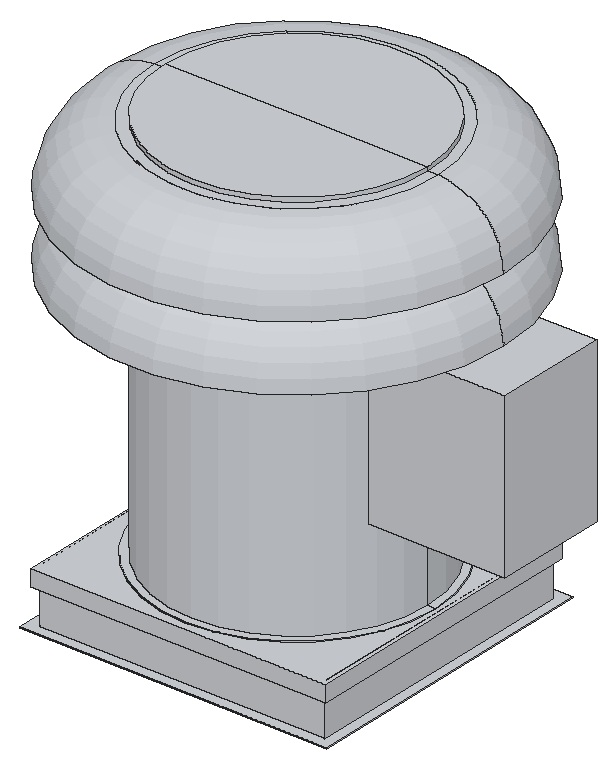
Revit family "TCNS-B", category Mechanical Equipment, Revit 2019
Family settings
  Round Connector Dimension = Use Diameter
  Part Type = Normal
  Work Plane-Based = No
  Always vertical = Yes
  Cut with Voids When Loaded = No
  Shared = No
  Room Calculation Point = No
Parameters (values of type "300_TCNS-B")
  Unit Weight [instance] = ""
  T_SQ/2 = T_SQ / 2  # 2' - 3"
  T_SQ = 4' - 6"
  Sones [instance] = ""
  RO/2 = RO / 2  # 2' - 0 3/4"
  RO = T_SQ - 0' 4 1/2"  # 4' - 1 1/2"
  Motor RPM [instance] = ""
  Motor Enclosure [instance] = ""
  ModelID [instance] = ""
  LwA [instance] = ""
  J/2 = J / 2  # 0' - 10 1/2"
  J = 1' - 9"
  H = 6' - 3 1/2"
  G = 2' - 6"
  Fan RPM [instance] = ""
  FAN_RAD = FAN_DIA / 2  # 2' - 0"
  FAN_DIA = 4' - 0"
  F = 6' - 1 15/16"
  E+A-1"-G = E + A - 0' 1" - G  # 1' - 8 1/4"
  E+A-1" = E + A - 0' 1"  # 4' - 2 1/4"
  E = 0' - 3"  # constant formula
  D/2 = D / 2  # 2' - 0"
  D = 4' - 0"
  CURB_HEIGHT [instance] = 0' - 9 1/2"
  CURB [instance] = yes
  C/2 = C / 2  # 3' - 0 1/2"
  C = 6' - 1"
  B = 2' - 1"
  Accessories [instance] = ""
  A-.5" = A - 0' 0 1/2"  # 3' - 11 3/4"
  A = 4' - 0 1/4"
  5" = 0' - 5"  # constant formula
  3" = 0' - 3"  # constant formula
  Brake Hp [instance] = ""
  4" = 0' - 4"  # constant formula
  2' = 2' - 0"
  2" = 0' - 2"  # constant formula
  1" = 0' - 1"  # constant formula
  0 = 0' - 0"  # constant formula
  Voltage [instance] = 0 V
  URL = "www.lorencook.com"
  Type Comments = "Tubular Centrifugal Inline Roof Mounted / Supply Belt Drive"  # constant formula
  Static Pressure [instance] = 0.00 in-wg
  Power [instance] = Voltage * Motor FLA * sqrt(if(Phase = 3, 3, 1))  # 0 VA
  Phase [instance] = 0
  Number of Poles [instance] = 1
  Motor Hp [instance] = "0"
  Motor FLA [instance] = 0 A
  Model = "TCNS-B"  # constant formula
  Manufacturer = "Loren Cook Company"
  CFM [instance] = 0 CFM
  1.5 = 0' - 1 1/2"  # constant formula
  ONE EIGTH = 0' - 0 1/8"  # constant formula
  (T_SQ/2)+.125" = (T_SQ / 2) + 0' 0 1/8"  # 2' - 3 1/8"
  (D+.25")/2 = (D + 0' 0 1/4") / 2  # 2' - 0 1/8"
  (B/2)-.5" = (B / 2) - 0' 0 1/2"  # 1' - 0"
Types (16): name | T_SQ/2 | T_SQ | RO/2 | RO | J/2 | J | H | G | FAN_RAD | FAN_DIA | F | E+A-1"-G | E+A-1" | D/2 | D | C/2 | C | B | A-.5" | A | (T_SQ/2)+.125" | (D+.25")/2 | (B/2)-.5"
  (no name) | 2' - 3" | 4' - 6" | 2' - 0 3/4" | 4' - 1 1/2" | 0' - 10 1/2" | 1' - 9" | 6' - 3 1/2" | 2' - 6" | 2' - 0" | 4' - 0" | 6' - 1 15/16" | 1' - 8 1/4" | 4' - 2 1/4" | 2' - 0" | 4' - 0" | 3' - 0 1/2" | 6' - 1" | 2' - 1" | 3' - 11 3/4" | 4' - 0 1/4" | 2' - 3 1/8" | 2' - 0 1/8" | 1' - 0"
  100_TCNS-B | 1' - 0" | 2' - 0" | 0' - 9 3/4" | 1' - 7 1/2" | 0' - 6 1/2" | 1' - 1" | 2' - 8 15/16" | 1' - 6" | 0' - 8" | 1' - 4" | 2' - 9 1/4" | 0' - 6" | 2' - 0" | 0' - 8" | 1' - 4" | 1' - 2 1/8" | 2' - 4 1/4" | 0' - 9" | 1' - 9 1/2" | 1' - 10" | 1' - 0 1/8" | 0' - 8 1/8" | 0' - 4"
  120_TCNS-B | 1' - 0" | 2' - 0" | 0' - 9 3/4" | 1' - 7 1/2" | 0' - 6 1/2" | 1' - 1" | 2' - 9 15/16" | 1' - 6" | 0' - 9" | 1' - 6" | 2' - 11" | 0' - 7" | 2' - 1" | 0' - 9" | 1' - 6" | 1' - 2 1/8" | 2' - 4 1/4" | 0' - 9" | 1' - 10 1/2" | 1' - 11" | 1' - 0 1/8" | 0' - 9 1/8" | 0' - 4"
  135_TCNS-B | 1' - 2" | 2' - 4" | 0' - 11 3/4" | 1' - 11 1/2" | 0' - 6 1/2" | 1' - 1" | 3' - 5 1/4" | 1' - 6" | 0' - 10 1/2" | 1' - 9" | 3' - 3 1/8" | 0' - 8 1/2" | 2' - 2 1/2" | 0' - 10 1/2" | 1' - 9" | 1' - 9 1/8" | 3' - 6 1/4" | 1' - 2" | 2' - 0" | 2' - 0 1/2" | 1' - 2 1/8" | 0' - 10 5/8" | 0' - 6 1/2"
  150_TCNS-B | 1' - 3" | 2' - 6" | 1' - 0 3/4" | 2' - 1 1/2" | 0' - 8 3/8" | 1' - 4 3/4" | 3' - 7 3/4" | 1' - 10" | 1' - 0" | 2' - 0" | 3' - 5 3/4" | 0' - 7" | 2' - 5" | 1' - 0" | 2' - 0" | 1' - 9 1/8" | 3' - 6 1/4" | 1' - 2" | 2' - 2 1/2" | 2' - 3" | 1' - 3 1/8" | 1' - 0 1/8" | 0' - 6 1/2"
  165_TCNS-B | 1' - 3" | 2' - 6" | 1' - 0 3/4" | 2' - 1 1/2" | 0' - 8 3/8" | 1' - 4 3/4" | 3' - 9 1/4" | 1' - 10" | 1' - 1" | 2' - 2" | 3' - 7 3/16" | 0' - 8 1/2" | 2' - 6 1/2" | 1' - 1" | 2' - 2" | 1' - 9 1/8" | 3' - 6 1/4" | 1' - 2" | 2' - 4" | 2' - 4 1/2" | 1' - 3 1/8" | 1' - 1 1/8" | 0' - 6 1/2"
  180_TCNS-B | 1' - 6" | 3' - 0" | 1' - 3 3/4" | 2' - 7 1/2" | 0' - 8 3/8" | 1' - 4 3/4" | 3' - 11 3/4" | 1' - 10" | 1' - 2" | 2' - 4" | 3' - 11 9/16" | 0' - 11" | 2' - 9" | 1' - 2" | 2' - 4" | 1' - 9 1/8" | 3' - 6 1/4" | 1' - 2" | 2' - 6 1/2" | 2' - 7" | 1' - 6 1/8" | 1' - 2 1/8" | 0' - 6 1/2"
  195_TCNS-B | 1' - 7" | 3' - 2" | 1' - 4 3/4" | 2' - 9 1/2" | 0' - 8 3/8" | 1' - 4 3/4" | 5' - 6 3/4" | 1' - 10" | 1' - 3 1/2" | 2' - 7" | 4' - 2 7/16" | 1' - 1 1/4" | 2' - 11 1/4" | 1' - 3 1/2" | 2' - 7" | 2' - 2 1/4" | 4' - 4 1/2" | 2' - 7" | 2' - 8 3/4" | 2' - 9 1/4" | 1' - 7 1/8" | 1' - 3 5/8" | 1' - 3"
  210_TCNS-B | 1' - 9" | 3' - 6" | 1' - 6 3/4" | 3' - 1 1/2" | 0' - 8 3/8" | 1' - 4 3/4" | 5' - 8" | 1' - 10" | 1' - 5" | 2' - 10" | 4' - 6 1/4" | 1' - 2 1/2" | 3' - 0 1/2" | 1' - 5" | 2' - 10" | 2' - 2 1/4" | 4' - 4 1/2" | 2' - 7" | 2' - 10" | 2' - 10 1/2" | 1' - 9 1/8" | 1' - 5 1/8" | 1' - 3"
  225_TCNS-B | 1' - 9" | 3' - 6" | 1' - 6 3/4" | 3' - 1 1/2" | 0' - 9" | 1' - 6" | 5' - 9" | 2' - 1" | 1' - 6" | 3' - 0" | 4' - 11" | 1' - 0 1/2" | 3' - 1 1/2" | 1' - 6" | 3' - 0" | 2' - 2 1/4" | 4' - 4 1/2" | 2' - 7" | 2' - 11" | 2' - 11 1/2" | 1' - 9 1/8" | 1' - 6 1/8" | 1' - 3"
  245_TCNS-B | 2' - 0" | 4' - 0" | 1' - 9 3/4" | 3' - 7 1/2" | 0' - 9" | 1' - 6" | 6' - 4" | 2' - 1" | 1' - 8" | 3' - 4" | 5' - 4 5/16" | 1' - 6" | 3' - 7" | 1' - 8" | 3' - 4" | 2' - 7 1/4" | 5' - 2 1/2" | 2' - 9" | 3' - 4 1/2" | 3' - 5" | 2' - 0 1/8" | 1' - 8 1/8" | 1' - 4"
  270_TCNS-B | 2' - 3" | 4' - 6" | 2' - 0 3/4" | 4' - 1 1/2" | 0' - 10 1/2" | 1' - 9" | 6' - 1 3/4" | 2' - 6" | 1' - 10" | 3' - 8" | 5' - 11 11/16" | 1' - 6 1/2" | 4' - 0 1/2" | 1' - 10" | 3' - 8" | 3' - 0 1/2" | 6' - 1" | 2' - 1" | 3' - 10" | 3' - 10 1/2" | 2' - 3 1/8" | 1' - 10 1/8" | 1' - 0"
  300_TCNS-B | 2' - 3" | 4' - 6" | 2' - 0 3/4" | 4' - 1 1/2" | 0' - 10 1/2" | 1' - 9" | 6' - 3 1/2" | 2' - 6" | 2' - 0" | 4' - 0" | 6' - 1 15/16" | 1' - 8 1/4" | 4' - 2 1/4" | 2' - 0" | 4' - 0" | 3' - 0 1/2" | 6' - 1" | 2' - 1" | 3' - 11 3/4" | 4' - 0 1/4" | 2' - 3 1/8" | 2' - 0 1/8" | 1' - 0"
  60_TCNS-B | 1' - 0" | 2' - 0" | 0' - 9 3/4" | 1' - 7 1/2" | 0' - 6 1/2" | 1' - 1" | 2' - 8 15/16" | 1' - 6" | 0' - 8" | 1' - 4" | 2' - 9 1/4" | 0' - 6" | 2' - 0" | 0' - 8" | 1' - 4" | 1' - 2 1/8" | 2' - 4 1/4" | 0' - 9" | 1' - 9 1/2" | 1' - 10" | 1' - 0 1/8" | 0' - 8 1/8" | 0' - 4"
  70_TCNS-B | 1' - 0" | 2' - 0" | 0' - 9 3/4" | 1' - 7 1/2" | 0' - 6 1/2" | 1' - 1" | 2' - 8 15/16" | 1' - 6" | 0' - 8" | 1' - 4" | 2' - 9 1/4" | 0' - 6" | 2' - 0" | 0' - 8" | 1' - 4" | 1' - 2 1/8" | 2' - 4 1/4" | 0' - 9" | 1' - 9 1/2" | 1' - 10" | 1' - 0 1/8" | 0' - 8 1/8" | 0' - 4"
  80_TCNS-B | 1' - 0" | 2' - 0" | 0' - 9 3/4" | 1' - 7 1/2" | 0' - 6 1/2" | 1' - 1" | 2' - 8 15/16" | 1' - 6" | 0' - 8" | 1' - 4" | 2' - 9 1/4" | 0' - 6" | 2' - 0" | 0' - 8" | 1' - 4" | 1' - 2 1/8" | 2' - 4 1/4" | 0' - 9" | 1' - 9 1/2" | 1' - 10" | 1' - 0 1/8" | 0' - 8 1/8" | 0' - 4"
Reference planes (in)
  plane 1 "Center (Front/Back)": y = 0
  plane 2: z = 0
  plane 3 "Center (Left/Right)": x = 0.40541
Forms (in)
  Extrusion 1, solid
    sketch origin (0, 0, 0) x (1, 0, 0) y (0, 1, 0)
      loop
        line (-26.71959, 27.125) -> (-26.71959, -27.125) -> (27.53041, -27.125) -> (27.53041, 27.125) -> (-26.71959, 27.125)
    from 0 to 3 <- "E"
  Extrusion 2, void
    sketch origin (0, 0, 0) x (1, 0, 0) y (0, 1, 0)
      loop
        line (-26.59459, 27) -> (-26.59459, -27) -> (27.40541, -27) -> (27.40541, 27) -> (-26.59459, 27)
    from 0 to 2.875
  Revolve 3, solid
    sketch origin (0, 0, 0) x (1, 0, 0) y (0, 0, 1)
      loop
        line (0.40541, 3) -> (26.03041, 3) -> (26.03041, 3.125) -> (24.53041, 3.125) -> (24.53041, 50.75) -> (38.53041, 50.75)
        arc (38.53041, 50.75) -> (35.01569, 59.23528) -> (26.53041, 62.75) r 12
        line (26.53041, 62.75) -> (38.53041, 62.75)
        arc (38.53041, 62.75) -> (35.01569, 71.23528) -> (26.53041, 74.75) r 12
        line (26.53041, 74.75) -> (24.53041, 74.75) -> (24.53041, 75.5) -> (0.40541, 75.5) -> (0.40541, 3)
      axis (0.40541, 75.5) -> (0.40541, 3)
    angle from 0 to 360
  Extrusion 4, solid
    sketch origin (0, 0, 0) x (1, 0, 0) y (0, 1, 0)
      loop
        arc (22.12558, 10.5) -> (24.53041, 0) -> (22.12558, -10.5) r 24.125
        line (22.12558, -10.5) -> (47.21791, -10.5) -> (47.21791, 10.5) -> (22.12558, 10.5)
    from 20.25 <- "E+A-1"-G" to 50.25 <- "E+A-1""
  Extrusion 5, solid, visible <- "CURB"
    sketch origin (0, 0, 2.875) x (0, 1, 0) y (1, 0, 0)
      loop
        line (-24.75, -24.34459) -> (24.75, -24.34459) -> (24.75, 25.15541) -> (-24.75, 25.15541) -> (-24.75, -24.34459)
      loop
        line (26.25, 26.65541) -> (-26.25, 26.65541) -> (-26.25, -25.84459) -> (26.25, -25.84459) -> (26.25, 26.65541)
    from 0 to 9.5 <- "CURB_HEIGHT"
  Extrusion 6, solid, visible <- "CURB"
    sketch origin (0, 0, -6.625) x (-1, 0, 0) y (0, 1, 0)
      loop
        line (25.84459, -26.25) -> (25.84459, 26.25) -> (-26.65541, 26.25) -> (-26.65541, -26.25) -> (25.84459, -26.25)
      loop
        line (-28.65541, 28.25) -> (-28.65541, -28.25) -> (27.84459, -28.25) -> (27.84459, 28.25) -> (-28.65541, 28.25)
    from 0 to -0.125
Cuts and joins
  Extrusion 2 cuts Extrusion 1
Dimensions and locks (in)
  "(T_SQ/2)+.125"": Extrusion 1 sketch curve to plane 3 "Center (Left/Right)"
  "(T_SQ/2)+.125"": plane 3 "Center (Left/Right)" to Extrusion 1 sketch curve
  "(T_SQ/2)+.125"": plane 1 "Center (Front/Back)" to Extrusion 1 sketch curve
  "(T_SQ/2)+.125"": Extrusion 1 sketch curve to plane 1 "Center (Front/Back)"
  "ONE EIGTH": Extrusion 2 sketch curve to Extrusion 1  (x2)
  "ONE EIGTH": Extrusion 1 to Extrusion 2 sketch curve  (x2)
  "0": Revolve 3 sketch curve to cut or joined group of Extrusion 1, Extrusion 2
  "ONE EIGTH": Revolve 3 sketch curve to Revolve 3 sketch curve
  "0": Revolve 3 sketch curve to plane 3 "Center (Left/Right)"  (x2)
  "(D+.25")/2": Revolve 3 sketch curve to plane 3 "Center (Left/Right)"  (x2)
  "H": Revolve 3 sketch curve to level
  "A-.5"": Revolve 3 sketch curve to Revolve 3 sketch curve
  "0": Revolve 3 sketch curve to Revolve 3 sketch curve
  "(B/2)-.5"": Revolve 3 sketch curve to Revolve 3 sketch curve  (x2)
  "1.5": Revolve 3 sketch curve to Revolve 3 sketch curve
  "0": Extrusion 4 sketch curve to plane 3 "Center (Left/Right)"
  "0": Extrusion 4 sketch curve to plane 1 "Center (Front/Back)"
  "J/2": plane 1 "Center (Front/Back)" to Extrusion 4 sketch curve
  "J/2": Extrusion 4 sketch curve to plane 1 "Center (Front/Back)"
  "F": cut or joined group of Extrusion 1, Extrusion 2 to Extrusion 4 sketch curve
  "1.5": Extrusion 5 sketch curve to Extrusion 5 sketch curve  (x4)
  "RO/2": Extrusion 5 sketch curve to plane 3 "Center (Left/Right)"
  "RO/2": plane 3 "Center (Left/Right)" to Extrusion 5 sketch curve
  "RO/2": Extrusion 5 sketch curve to plane 1 "Center (Front/Back)"  (x2)
  "2"": Extrusion 6 sketch curve to Extrusion 6 sketch curve  (x4)
  "0": Extrusion 6 sketch curve to Extrusion 5  (x3)
  "0": Extrusion 5 to Extrusion 6 sketch curve
  "(B/2)-.5"": radius of Revolve 3 sketch curve  (x2)
  "(D+.25")/2": radius of Extrusion 4 sketch curve
Automatic sketch dimensions
  Revolve 3 sketch curve to level = 0' - 0"
  Revolve 3 sketch curve to Revolve 3 sketch curve = 0' - 2"
  Revolve 3 sketch curve to Revolve 3 sketch curve = 0' - 0"
  Revolve 3 sketch curve to level = 0' - 4"
  Extrusion 4 sketch curve to Extrusion 4 sketch curve = 0' - 0"
Connectors (in)
  electrical at (34.67175, 0, 20.25)
    settings: on Extrusion 4, index 1, voltage 0 V, apparent load 0 VA, apparent load phase1 0 VA, apparent load phase2 0 VA, apparent load phase3 0 VA, power factor 1, load classification "Other", number of poles 1, system type 30, power factor state 1, is connector primary yes, connector utility no, sub classification motor no, connector description ""
  hvac at (0.40541, 0, 3), driven by "CFM", driven by "RO", driven by "RO"
    settings: on cut or joined group of Extrusion 1, Extrusion 2, index 2, duct flow 0 CFM, flow factor 0, pres drop 0.00 in-wg, loss coef 0, conn angle 0.00°, conn width 49 1/2", conn height 49 1/2", conn diameter 24", duct sys type 1, conn prof type 1, flow config 0, flow direction 2, loss method 0, conn ref index -1, conn util no, is conn primary yes, conn desc ""
